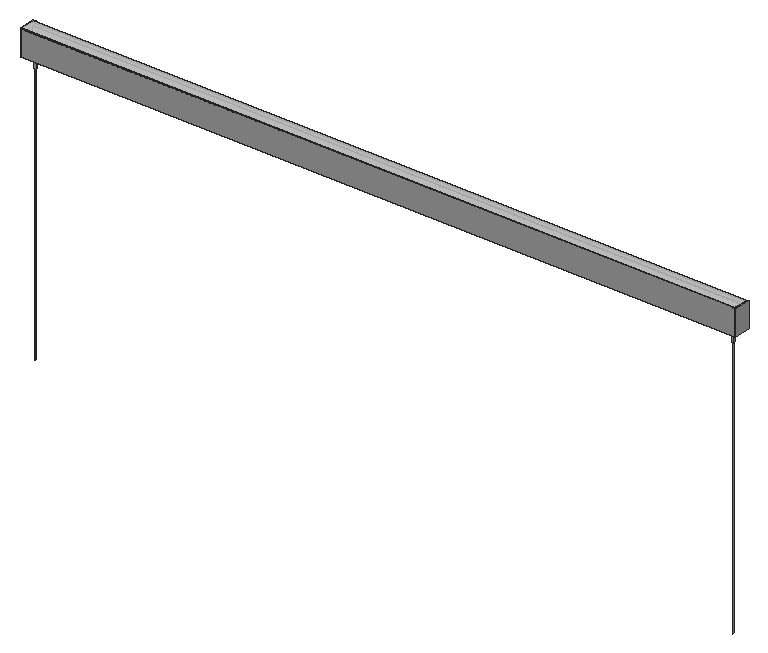
Revit family "2093104 Sylvania Lighting Fixture MC2-KIT D I 2-4M 4K DALIEM WHT PRIS", category Lighting Fixtures, host Face, Revit 2016
Family settings
  Host = Face
  Part Type = Normal
  Round Connector Dimension = Use Diameter
  OmniClass Number = 23.80.70.11.17
  OmniClass Title = Specialized Lighting by Location or Use
  Cut with Voids When Loaded = No
  Light Source = Yes
  Shared = No
  Room Calculation Point = No
Parameters (values of type "2093104 MC2-KIT D/I 2.4M 4K DALIEM WHT PRIS Emergency mode")
  Width_SYL = 54.0 mm
  Weight = "6.6 kg"
  Wattage = 67 W
  WarrantyStartDate [instance] = "n/a"
  WarrantyGuarantorParts = "n/a"
  WarrantyDurationUnit = "n/a"
  WarrantyDurationParts = "n/a"
  WarrantyDescription = "n/a"
  built-in parameter 1150110 = 1 (stored number, unit not read)
  Voltage = 0 V
  URL = "http://www.sylvania-lighting.com"
  TypeName = "MC2-KIT D/I 2.4M 4K DALIEM WHT PRIS Emergency mode"
  built-in parameter 1114217 = 1 (stored number, unit not read)
  Tilt Angle = -90.00°
  built-in parameter 1150109 = 1 (stored number, unit not read)
  built-in parameter 1150134 = 12
  built-in parameter 1150113 = 1 (stored number, unit not read)
  SerialNumber [instance] = "n/a"
  PowerFactor = 0.95
  PowerConsumption = "67 W"
  NominalWidth = 0.0 mm
  NominalLength = 2400.0 mm
  NominalHeight = 86.0 mm
  Name = "MC2-KIT D/I 2.4M 4K DALIEM WHT PRIS Emergency mode"
  ModelReference = "MC2-KIT D/I 2.4M 4K DALIEM WHT PRIS"
  ModelNumber = "2093104"
  Material_3_SYL = Metal_Sylvania_Mini Contiuum II_Silver
  Photometric Web File = "2093104EM.ies"
  Material_4_SYL = Metal_Sylvania_Mini Contiuum II_Silver
  MountingHeight_SYL [instance] = 1000.0 mm
  Material = "aluminium housing, polycarbonate diffuser"
  ManufacturerName = "Feilo Sylvania"
  LuminousEfficacy = "1.805 lm/W"
  LuminaireType = ""
  LightOutputRatio = "100"
  Length_SYL = 2400.0 mm
  LampsType = Lamp  # "LED"
  LampNominalLuminous = "121 lm"
  LampMacAdamStep = "3"
  LampColourTemperature = "4000 K"
  LampColourRenderingIndex = "80"
  Keynote = "16500"
  InstallationDate [instance] = "n/a"
  InputVoltage = "n/a"
  InputNominalFrequency = "n/a"
  IngressProtection = "IP20"
  ImpactProtectionIndex = "n/a"
  IfcExportType = "IfcLightFixtureType"
  IfcExportAs = "IfcLightFixtureType"
  Height_SYL = 86.0 mm
  ExpectedLife = 50000
  EndCapRight_SYL = yes
  EndCapLeft_SYL = yes
  Emit from Rectangle Width = Width_SYL - 2.0 mm  # 52.0 mm
  Emit from Rectangle Length = Length_SYL  # 2400.0 mm
  Emit Shape Visible in Rendering = no
  ElectricShockClassification = "Class I"
  DurationUnit = "hours"
  DocumentationLiterature = "http://www.sylvania-lighting.com/product/en-int/products/2093104"
  DimmingControlOptions = "n/a"
  CreatedOn = "10/15/2018"
  CreatedBy = "@sylvania-lighting.com"
  built-in parameter 1114216 [instance] = 1 (stored number, unit not read)
  Model = "MC2-KIT D/I 2.4M 4K DALIEM WHT PRIS"
  Manufacturer = "Feilo Sylvania"
  built-in parameter 1150105 = 9.6289 (stored number, unit not read)
  Lumens = 121 lm
  built-in parameter 1150115 = 1 (stored number, unit not read)
  built-in parameter 1150137 = (empty or 0)
  built-in parameter 1150139 = (empty or 0)
  built-in parameter 1150112 = 1 (stored number, unit not read)
  built-in parameter 1150114 = 1 (stored number, unit not read)
  Lamp = "LED"
  built-in parameter 1150132 = 2
  built-in parameter 1150102 = (empty or 0)
  built-in parameter 1150107 = 4000 (stored number, unit not read)
  built-in parameter 1150138 = (empty or 0)
  built-in parameter 1150106 = 0.096289 (stored number, unit not read)
  Material_1_SYL = Metal_Sylvania_Mini Continuum II_White
  built-in parameter 1150104 = 0.16778 (stored number, unit not read)
  Dimming Lamp Color Temperature Shift = <None>
  Material_2_SYL = Polycarbonate_Sylvania_Mini Continuum II_Opal_4000K
  Description = "2093104   MC2-KIT D/I 2.4M 4K DALIEM WHT PRIS  Continuous lines of LED light, white RAL 9016, direct/indirect distribution (65/35), suspended kit version is pre-wired and supplied complete with end caps and suspension cables, compact and minimalist design based on the Golden Mean, ideal for offices, meeting rooms, corridors, education facilities, museums and libraries, extruded aluminium body, diffuser: micro prismatic, colour temperature: 4000K neutral white, total system power: 67W, total fixture output: 7392lm, luminaire efficacy: 110lm/W, LOR: 100%, colour rendering: Ra >80, LED Chromacity: 1 step MacAdam ellipse, lifetime: 60,000 hours at 90% of the original output (L90), energy class: A++, A+, A, IR/UV free light source without heat radiation, operating voltage: 220-240V / 50-60Hz, drive current: (Direct) 800mA + (Indirect) 350mA, electronic driver, DALI dimmable, direct/indirect independently addressable, integral emergency: 3 hour maintained, electrical protection: CLASS I, IP20, suitable for internal environment only."
  Default Elevation = 0.0 mm
  Color Filter = 16777215
  built-in parameter 1140040 [instance] = 1
  BarCode [instance] = "n/a"
  built-in parameter 1114218 = 1 (stored number, unit not read)
  built-in parameter 1150133 = 10 (stored number, unit not read)
  AssetType = "Fixed"
  AssetIdentifier [instance] = "n/a"
  Assembly Code = "D5020200"
  Apparent Load = 67 VA
Types (2, lengths in mm): name | TypeName | Name | Photometric Web File | LuminousEfficacy | LampNominalLuminous | built-in parameter 1150105 | Lumens | built-in parameter 1150106 | built-in parameter 1150104
  2093104 MC2-KIT D/I 2.4M 4K DALIEM WHT PRIS Emergency mode | "MC2-KIT D/I 2.4M 4K DALIEM WHT PRIS Emergency mode" | "MC2-KIT D/I 2.4M 4K DALIEM WHT PRIS Emergency mode" | "2093104EM.ies" | "1.805 lm/W" | "121 lm" | 9.6289 (stored number, unit not read) | 121 lm | 0.096289 (stored number, unit not read) | 0.16778 (stored number, unit not read)
  2093104 MC2-KIT D/I 2.4M 4K DALIEM WHT PRIS | "MC2-KIT D/I 2.4M 4K DALIEM WHT PRIS" | "MC2-KIT D/I 2.4M 4K DALIEM WHT PRIS" | "2093104.ies" | "116 lm/W" | "7776 lm" | 618.48 (stored number, unit not read) | 7772 lm | 6.1848 (stored number, unit not read) | 10.777 (stored number, unit not read)
Reference planes
  plane 1 "Center (Front/Back)": y = 0
  plane 2 "Bottom Fixtures": z = 0
  plane 3 "Center (Left/Right)": x = 0
  plane 4 "Fixture Left": x = -1200
  plane 5 "Fixture Right": x = 1200
  plane 6 "Fixture Bottom": z = 1000
  plane 7: z = 998
  plane 8: z = 996
  plane 9: z = 986.951
  plane 10: z = 956.951
  plane 11 "Fixture Top": z = 914
  plane 12 "Mounting Right": x = 1172
  plane 13 "Mounting Left": x = -1172
  plane 14: z = 879
  plane 15: y = 27
  plane 16: y = -27
  plane 17: y = -26
  plane 18: y = -25
  plane 19: y = 26
  plane 20: y = 25
  plane 21: y = 11
  plane 22: y = -11
  plane 23: y = 24
  plane 24: y = 22
  plane 25: y = -22
  plane 26: y = 15
  plane 27: y = -15
  plane 28 "Upper Diffuser Left": x = -1050
  plane 29 "Upper Diffuser Right": x = 1050
  plane 30: x = -1202
  plane 31: x = 1202
Forms (mm)
  Extrusion 1, solid, material "Metal_Sylvania_Mini Continuum II_White" <- "Material_1_SYL", detail levels fine
    sketch origin (0, 0, 520) x (0, 1, 0) y (0, 0, 1)
      loop
        line (27, 480) -> (26, 480) -> (26, 478) -> (25, 478) -> (25, 396) -> (13, 396) -> (13, 398) -> (-13, 398) -> (-13, 396) -> (-25, 396) -> (-25, 478) -> (-26, 478) -> (-26, 480) -> (-27, 480) -> (-27, 394) -> (-11, 394) -> (-11, 396) -> (11, 396) -> (11, 394) -> (27, 394) -> (27, 480)
    from -1200 to 1200
  Extrusion 2, solid, material "Polycarbonate_Sylvania_Mini Continuum II_Opal_4000K" <- "Material_2_SYL", detail levels fine
    sketch origin (0, 0, 520) x (0, 1, 0) y (0, 0, 1)
      loop
        line (-26, 480) -> (-26, 478) -> (26, 478) -> (26, 480) -> (-26, 480)
    from -1200 to 1200
  Extrusion 3, solid, material "Metal_Sylvania_Mini Contiuum II_Silver" <- "Material_3_SYL", detail levels fine
    sketch origin (0, 0, 520) x (0, 1, 0) y (0, 0, 1)
      loop
        line (22, 466.951) -> (20.973, 466.951) -> (14.206, 437.951) -> (11, 437.951) -> (11, 436.951) -> (15, 436.951) -> (22, 466.951)
      loop
        line (-15, 436.951) -> (-11, 436.951) -> (-11, 437.951) -> (-14.206, 437.951) -> (-20.973, 466.951) -> (-22, 466.951) -> (-15, 436.951)
    from -1200 to 1200
  Extrusion 4, solid, material "Metal_Sylvania_Mini Continuum II_White" <- "Material_1_SYL", detail levels coarse+medium
    sketch origin (0, 0, 520) x (0, 1, 0) y (0, 0, 1)
      loop
        line (-27, 480) -> (-27, 394) -> (27, 394) -> (27, 480) -> (-27, 480)
    from -1200 to 1200
  Extrusion 5, solid, material "Metal_Sylvania_Mini Contiuum II_Silver" <- "Material_4_SYL", detail levels fine
    sketch origin (0, 0, -86) x (-1, 0, 0) y (0, -1, 0)
      loop
        circle (1172, 0) r 4
      loop
        circle (-1172, 0) r 4
    from 965 to 1002
  Extrusion 6, solid, material "Metal_Sylvania_Mini Contiuum II_Silver" <- "Material_4_SYL", detail levels fine
    sketch origin (0, 0, -86) x (-1, 0, 0) y (0, -1, 0)
      loop
        circle (-1172, 0) r 1
      loop
        circle (1172, 0) r 1
    from 86 to 965
  Extrusion 7, solid, material "Polycarbonate_Sylvania_Mini Continuum II_Opal_4000K" <- "Material_2_SYL", detail levels fine
    sketch origin (0, 0, 0) x (0, 1, 0) y (0, 0, 1)
      loop
        arc (11, 916) -> (5.59, 914.504) -> (0, 914) r 31.25
        arc (0, 914) -> (-5.59, 914.504) -> (-11, 916) r 31.25
        line (-11, 916) -> (-11, 914.934)
        arc (-11, 914.934) -> (-5.584, 913.487) -> (0, 913) r 32.25
        arc (0, 913) -> (5.584, 913.487) -> (11, 914.934) r 32.25
        line (11, 914.934) -> (11, 916)
    from -1050 to 1050
  Extrusion 8, void
    sketch origin (0, 0, 0) x (0, 1, 0) y (0, 0, 1)
      loop
        line (11, 918) -> (-11, 918) -> (-11, 916) -> (11, 916) -> (11, 918)
    from -1050 to 1050
  Extrusion 9, solid, material "Metal_Sylvania_Mini Continuum II_White" <- "Material_1_SYL", visible <- "EndCapLeft_SYL"
    sketch origin (-1200, 171.684, 1219.2) x (0, 1, 0) y (0, 0, 1)
      loop
        line (-198.684, -305.2) -> (-144.684, -305.2) -> (-144.684, -219.2) -> (-198.684, -219.2) -> (-198.684, -305.2)
    from 0 to -2
  Extrusion 10, solid, material "Metal_Sylvania_Mini Continuum II_White" <- "Material_1_SYL", visible <- "EndCapRight_SYL"
    sketch origin (1200, 171.684, 1219.2) x (0, 1, 0) y (0, 0, -1)
      loop
        line (-144.684, 219.2) -> (-144.684, 305.2) -> (-198.684, 305.2) -> (-198.684, 219.2) -> (-144.684, 219.2)
    from 0 to -2
Cuts and joins
  Extrusion 8 cuts Extrusion 1
Lines and regions (mm)
  Masking region 1
    outline origin (0, 0, -86) x (-1, 0, 0) y (0, -1, 0)
      loop
        line (1200, -27) -> (1200, 27) -> (-1200, 27) -> (-1200, -27) -> (1200, -27)
  symbolic lines, detail levels fine
    curve 1: line (-1200, 26, -86) -> (1200, 26, -86)
    curve 2: line (-1200, -26, -86) -> (1200, -26, -86)
  model lines, detail levels coarse+medium
    curve 3: line (-1172, 0, 914) -> (-1172, 0, 0)
    curve 4: line (1172, 0, 914) -> (1172, 0, 0)
Dimensions and locks
  host sketch curve to plane 3 "Center (Left/Right)" to host sketch curve = 820.0 mm, 775.047 mm
  equal spacing: plane 4 "Fixture Left", plane 3 "Center (Left/Right)", plane 5 "Fixture Right"
  "Length_SYL": plane 4 "Fixture Left" to plane 5 "Fixture Right"
  plane 6 "Fixture Bottom" to plane 7 to plane 8 to plane 9 to plane 10 = 2.0 mm locked, 2.0 mm locked, 9.049 mm locked, 30.0 mm locked
  locked: Extrusion 1 sketch curve to Extrusion 1 sketch curve at 2
  locked: Extrusion 1 sketch curve to plane 11 "Fixture Top" at 2
  "Height_SYL": plane 6 "Fixture Bottom" to plane 11 "Fixture Top"
  locked: plane 12 "Mounting Right" to plane 5 "Fixture Right" at 28
  locked: plane 4 "Fixture Left" to plane 13 "Mounting Left" at 28
  locked: plane 11 "Fixture Top" to plane 14 at 35
  "MountingHeight_SYL": plane 6 "Fixture Bottom" to plane 2 "Bottom Fixtures"
  equal spacing: plane 15, plane 1 "Center (Front/Back)", plane 16
  "Width_SYL": plane 15 to plane 16
  plane 22 to plane 27 to plane 25 to plane 18 to plane 17 to plane 16 = 4.0 mm locked, 7.0 mm locked, 3.0 mm locked, 1.0 mm locked, 1.0 mm locked
  plane 15 to plane 19 to plane 20 to plane 23 to plane 24 to plane 26 to plane 21 = 1.0 mm locked, 1.0 mm locked, 1.0 mm locked, 2.0 mm locked, 7.0 mm locked, 4.0 mm locked
  locked: plane 4 "Fixture Left" to plane 28 "Upper Diffuser Left" at 150
  locked: plane 29 "Upper Diffuser Right" to plane 5 "Fixture Right" at 150
  equal spacing: plane 30, plane 3 "Center (Left/Right)", plane 31
  locked: plane 30 to plane 4 "Fixture Left" at 2
  aligned and locked: plane 2 "Bottom Fixtures" to host face
  aligned and locked: level to host face
  aligned and locked: plane 5 "Fixture Right" to curve 1
  aligned and locked: plane 4 "Fixture Left" to curve 1
  aligned and locked: plane 4 "Fixture Left" to curve 2
  aligned and locked: plane 5 "Fixture Right" to curve 2
  aligned and locked: Extrusion 1 sketch curve to plane 7
  aligned and locked: plane 6 "Fixture Bottom" to Extrusion 1 sketch curve  (x2)
  aligned and locked: plane 7 to Extrusion 1 sketch curve
  aligned and locked: Extrusion 1 to Extrusion 2 sketch curve
  aligned and locked: Extrusion 2 sketch curve to Extrusion 1  (x3)
  aligned and locked: Extrusion 3 sketch curve to plane 10
  aligned and locked: plane 9 to Extrusion 3 sketch curve
  aligned and locked: Extrusion 3 sketch curve to plane 9
  aligned and locked: Extrusion 4 sketch curve to plane 6 "Fixture Bottom"
  aligned and locked: Extrusion 4 to plane 4 "Fixture Left"
  aligned and locked: Extrusion 2 to plane 4 "Fixture Left"
  aligned and locked: Extrusion 3 to plane 4 "Fixture Left"
  aligned and locked: Extrusion 1 to plane 4 "Fixture Left"
  aligned and locked: Extrusion 4 to plane 5 "Fixture Right"
  aligned and locked: Extrusion 2 to plane 5 "Fixture Right"
  aligned and locked: Extrusion 3 to plane 5 "Fixture Right"
  aligned and locked: Extrusion 1 to plane 5 "Fixture Right"
  aligned and locked: plane 11 "Fixture Top" to Extrusion 4 sketch curve
  aligned and locked: Extrusion 1 sketch curve to plane 11 "Fixture Top"  (x2)
  aligned and locked: Extrusion 1 sketch curve to Extrusion 1 sketch curve
  aligned and locked: plane 6 "Fixture Bottom" to imposter light
  aligned and locked: plane 11 "Fixture Top" to curve 3
  aligned and locked: plane 2 "Bottom Fixtures" to curve 3
  aligned and locked: plane 11 "Fixture Top" to curve 4
  aligned and locked: plane 2 "Bottom Fixtures" to curve 4
  aligned and locked: curve 4 to plane 12 "Mounting Right"
  aligned and locked: curve 3 to plane 13 "Mounting Left"
  aligned and locked: Extrusion 5 to Extrusion 1
  aligned and locked: Extrusion 5 to plane 14
  aligned and locked: plane 14 to Extrusion 6
  aligned and locked: Extrusion 6 to level
  aligned and locked: plane 11 "Fixture Top" to Extrusion 7 sketch curve
  aligned and locked: Extrusion 7 to plane 28 "Upper Diffuser Left"
  aligned and locked: Extrusion 7 to plane 29 "Upper Diffuser Right"
  aligned and locked: plane 21 to Extrusion 3 sketch curve
  aligned and locked: Extrusion 3 sketch curve to plane 22
  aligned and locked: Extrusion 8 sketch curve to plane 21
  aligned and locked: Extrusion 8 sketch curve to plane 22
  aligned and locked: Extrusion 8 sketch curve to Extrusion 1  (x2)
  aligned and locked: Extrusion 8 to Extrusion 7  (x2)
  aligned and locked: plane 21 to Extrusion 7 sketch curve
  aligned and locked: plane 1 "Center (Front/Back)" to Extrusion 7 sketch curve
  aligned and locked: plane 22 to Extrusion 7 sketch curve
  aligned and locked: Extrusion 9 sketch curve to Extrusion 4  (x4)
  aligned and locked: Extrusion 9 to plane 30
  aligned and locked: plane 4 "Fixture Left" to Extrusion 9
  aligned and locked: Extrusion 10 sketch curve to Extrusion 4  (x4)
  aligned and locked: plane 31 to Extrusion 10
  aligned and locked: plane 5 "Fixture Right" to Extrusion 10
Automatic sketch dimensions
  host sketch curve to host sketch curve = 1047.463 mm
  plane 19 to curve 1 = 0.0 mm
  curve 2 to plane 17 = 0.0 mm
  Masking region 1 sketch curve to plane 5 "Fixture Right" = 0.0 mm
  Masking region 1 sketch curve to plane 4 "Fixture Left" = 0.0 mm
  plane 15 to Masking region 1 sketch curve = 0.0 mm
  Masking region 1 sketch curve to plane 16 = 0.0 mm
  Extrusion 1 sketch curve to plane 16 = 0.0 mm
  Extrusion 1 sketch curve to plane 17 = 0.0 mm
  Extrusion 1 sketch curve to plane 18 = 0.0 mm
  Extrusion 1 sketch curve to plane 22 = 0.0 mm
  Extrusion 1 sketch curve to plane 21 = 0.0 mm
  Extrusion 1 sketch curve to plane 20 = 0.0 mm
  Extrusion 1 sketch curve to plane 19 = 0.0 mm
  Extrusion 1 sketch curve to plane 15 = 0.0 mm
  plane 11 "Fixture Top" to Extrusion 1 sketch curve = 2.0 mm
  Extrusion 1 sketch curve to plane 22 = 2.0 mm
  Extrusion 1 sketch curve to plane 21 = 2.0 mm
  Extrusion 3 sketch curve to plane 25 = 0.0 mm
  Extrusion 3 sketch curve to plane 27 = 0.0 mm
  Extrusion 3 sketch curve to plane 26 = 0.0 mm
  Extrusion 3 sketch curve to plane 24 = 0.0 mm
  plane 10 to Extrusion 3 sketch curve = 1.0 mm
  Extrusion 3 sketch curve to Extrusion 3 sketch curve = 1.027 mm
  plane 27 to Extrusion 3 sketch curve = 0.794 mm
  plane 26 to Extrusion 3 sketch curve = 0.794 mm
  plane 24 to Extrusion 3 sketch curve = 1.027 mm
  Extrusion 4 sketch curve to plane 16 = 0.0 mm
  Extrusion 4 sketch curve to plane 15 = 0.0 mm
  plane 1 "Center (Front/Back)" to Extrusion 5 sketch curve = 0.0 mm  (x2)
  Extrusion 5 sketch curve to plane 12 "Mounting Right" = 0.0 mm
  Extrusion 5 sketch curve to plane 13 "Mounting Left" = 0.0 mm
  plane 1 "Center (Front/Back)" to Extrusion 6 sketch curve = 0.0 mm  (x2)
  Extrusion 6 sketch curve to plane 12 "Mounting Right" = 0.0 mm
  Extrusion 6 sketch curve to plane 13 "Mounting Left" = 0.0 mm
  Extrusion 7 sketch curve to Extrusion 7 sketch curve = 0.0 mm  (x4)
  plane 11 "Fixture Top" to Extrusion 7 sketch curve = 0.934 mm
  Extrusion 3 sketch curve to Extrusion 3 sketch curve = 0.0 mm
  Extrusion 3 sketch curve to plane 10 = 0.0 mm
  plane 11 "Fixture Top" to Extrusion 7 sketch curve = 2.0 mm
  radius of Extrusion 5 sketch curve = 4.0 mm  (x2)
  radius of Extrusion 6 sketch curve = 1.0 mm  (x2)
Connectors
  electrical at (1200, 0, 949), driven by "Apparent Load"
    settings: on Extrusion 1, index 1, voltage 230 V, apparent load 0 VA, apparent load phase1 67 VA, apparent load phase2 0 VA, apparent load phase3 0 VA, power factor 1, load classification "Lighting", number of poles 1, system type 31, power factor state 1, is connector primary yes, connector utility no, sub classification motor no, connector description ""
